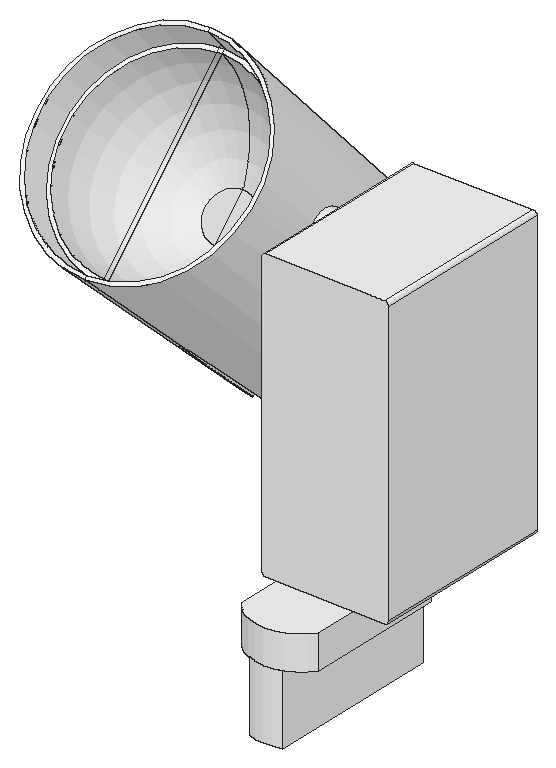
Revit family "0004860 Feilo Sylvania Lighting Fixture START TRACK SPOT S 14W 3K RA90 MB WHITE", category Lighting Fixtures, host Face, Revit 2017 (continued)
Definition of nested family "Start Track Spot Head"
  Types (96, lengths in mm): name | Wattage | built-in parameter 1150134 | Photometric Web File | Model | built-in parameter 1150105 | Lumens | built-in parameter 1150107 | built-in parameter 1150106 | HeadThickness_FEILO | HeadRibOffset_FEILO | HeadRibDepth_FEILO | HeadRibCutWidth_FEILO | HeadRibCutOffset_FEILO | HeadReflectorRadius_FEILO | HeadReflectorOffset_FEILO | HeadLEDRadius_FEILO | HeadHeight_FEILO | HeadDiffusorOffset_FEILO | HeadDiaOut_FEILO | HeadDiaIn_FEILO | HeadAxisFromTop_FEILO | Emit from Circle Diameter | built-in parameter 1150104 | Description | Apparent Load
    0004864 START TRACK SPOT S 24W 3K RA90 WB WHITE | 24 W | (empty or 0) | "0004864.ies" | "START TRACK SPOT S 24W 3K RA90 WB WHITE" | 152.79 (stored number, unit not read) | 1920 lm | 3000 (stored number, unit not read) | 1.5279 (stored number, unit not read) | 1.5 | 4.179 | 55.714 | 7.167 | 50.87 | 50.588 | 55.714 | 9.556 | 117 | 9.435 | 86 | 77.477 | 69.354 | 77.477 | 7.4322 (stored number, unit not read) | "Integrated LED spotlight, Textured White - RAL9016, compact and minimalist design, ideal for retail applications, die-cast aluminium body, passive cooling heatsink. Beam angle: 64°, color temperature: 3000K , total system power: 24W, total fixture output: 1928 lm, LOR: 100%, colour rendering: Ra: 90 typical, LED Chromaticity: 3 step MacAdam ellipse, lifetime: >50000 hours at L70B50, energy class: A++, A+, A, IR/UV free light source without heat radiation, operating voltage: 220-240V / 50-60Hz, drive current: 600mA, electronic driver, non-dimmable, power factor: 0.95, electrical protection: Class II, Global Track 3 Phase adapter suitable for Global trac 3-circuit tracks, ingress protection rating: IP20, suitable for internal environment only, horizontal rotation: 355°, vertical tilt: 90°, dimensions: Ø86x140x200, weight: 0.966kg." | 24 VA
    0004863 START TRACK SPOT S 24W 3K RA90 MB WHITE | 24 W | (empty or 0) | "0004863.ies" | "START TRACK SPOT S 24W 3K RA90 MB WHITE" | 154.7 (stored number, unit not read) | 1944 lm | 3000 (stored number, unit not read) | 1.547 (stored number, unit not read) | 1.5 | 4.179 | 55.714 | 7.167 | 50.87 | 50.588 | 55.714 | 9.556 | 117 | 9.435 | 86 | 77.477 | 69.354 | 77.477 | 7.5251 (stored number, unit not read) | "Integrated LED spotlight, Textured White - RAL9016, compact and minimalist design, ideal for retail applications, die-cast aluminium body, passive cooling heatsink. Beam angle: 36°, color temperature: 3000K , total system power: 24W, total fixture output: 1944 lm, LOR: 100%, colour rendering: Ra: 90 typical, LED Chromaticity: 3 step MacAdam ellipse, lifetime: >50000 hours at L70B50, energy class: A++, A+, A, IR/UV free light source without heat radiation, operating voltage: 220-240V / 50-60Hz, drive current: 600mA, electronic driver, non-dimmable, power factor: 0.95, electrical protection: Class II, Global Track 3 Phase adapter suitable for Global trac 3-circuit tracks, ingress protection rating: IP20, suitable for internal environment only, horizontal rotation: 355°, vertical tilt: 90°, dimensions: Ø86x140x200, weight: 0.966kg." | 24 VA
    0004862 START TRACK SPOT S 24W 3K RA90 NB WHITE | 24 W | (empty or 0) | "0004862.ies" | "START TRACK SPOT S 24W 3K RA90 NB WHITE" | 158.52 (stored number, unit not read) | 1992 lm | 3000 (stored number, unit not read) | 1.5852 (stored number, unit not read) | 1.5 | 4.179 | 55.714 | 7.167 | 50.87 | 50.588 | 55.714 | 9.556 | 117 | 9.435 | 86 | 77.477 | 69.354 | 77.477 | 7.711 (stored number, unit not read) | "Integrated LED spotlight, Textured White - RAL9016, compact and minimalist design, ideal for retail applications, die-cast aluminium body, passive cooling heatsink. Beam angle: 12°, color temperature: 3000K , total system power: 24W, total fixture output: 1987 lm, LOR: 100%, colour rendering: Ra: 90 typical, LED Chromaticity: 3 step MacAdam ellipse, lifetime: >50000 hours at L70B50, energy class: A++, A+, A, IR/UV free light source without heat radiation, operating voltage: 220-240V / 50-60Hz, drive current: 600mA, electronic driver, non-dimmable, power factor: 0.95, electrical protection: Class II, Global Track 3 Phase adapter suitable for Global trac 3-circuit tracks, ingress protection rating: IP20, suitable for internal environment only, horizontal rotation: 355°, vertical tilt: 90°, dimensions: Ø86x140x200, weight: 0.966kg." | 24 VA
    0004861 START TRACK SPOT S 14W 3K RA90 WB WHITE | 14 W | (empty or 0) | "0004861.ies" | "START TRACK SPOT S 14W 3K RA90 WB WHITE" | 100.27 (stored number, unit not read) | 1260 lm | 3000 (stored number, unit not read) | 1.0027 (stored number, unit not read) | 1.5 | 4.179 | 55.714 | 7.167 | 50.87 | 50.588 | 55.714 | 9.556 | 117 | 9.435 | 86 | 77.477 | 69.354 | 77.477 | 8.3613 (stored number, unit not read) | "Integrated LED spotlight, Textured White - RAL9016, compact and minimalist design, ideal for retail applications, die-cast aluminium body, passive cooling heatsink. Beam angle: 64°, color temperature: 3000K , total system power: 14W, total fixture output: 1262 lm, LOR: 100%, colour rendering: Ra: 90 typical, LED Chromaticity: 3 step MacAdam ellipse, lifetime: >50000 hours at L70B50, energy class: A++, A+, A, IR/UV free light source without heat radiation, operating voltage: 220-240V / 50-60Hz, drive current: 350mA, electronic driver, non-dimmable, power factor: 0.92, electrical protection: Class II, Global Track 3 Phase adapter suitable for Global trac 3-circuit tracks, ingress protection rating: IP20, suitable for internal environment only, horizontal rotation: 355°, vertical tilt: 90°, dimensions: Ø86x140x200, weight: 0.940kg." | 14 VA
    0004860 START TRACK SPOT S 14W 3K RA90 MB WHITE | 14 W | (empty or 0) | "0004860.ies" | "START TRACK SPOT S 14W 3K RA90 MB WHITE" | 100.27 (stored number, unit not read) | 1260 lm | 3000 (stored number, unit not read) | 1.0027 (stored number, unit not read) | 1.5 | 4.179 | 55.714 | 7.167 | 50.87 | 50.588 | 55.714 | 9.556 | 117 | 9.435 | 86 | 77.477 | 69.354 | 77.477 | 8.3613 (stored number, unit not read) | "Integrated LED spotlight, Textured White - RAL9016, compact and minimalist design, ideal for retail applications, die-cast aluminium body, passive cooling heatsink. Beam angle: 36°, color temperature: 3000K , total system power: 14W, total fixture output: 1262 lm, LOR: 100%, colour rendering: Ra: 90 typical, LED Chromaticity: 3 step MacAdam ellipse, lifetime: >50000 hours at L70B50, energy class: A++, A+, A, IR/UV free light source without heat radiation, operating voltage: 220-240V / 50-60Hz, drive current: 350mA, electronic driver, non-dimmable, power factor: 0.92, electrical protection: Class II, Global Track 3 Phase adapter suitable for Global trac 3-circuit tracks, ingress protection rating: IP20, suitable for internal environment only, horizontal rotation: 355°, vertical tilt: 90°, dimensions: Ø86x140x200, weight: 0.940kg." | 14 VA
    0004859 START TRACK SPOT S 14W 3K RA90 NB WHITE | 14 W | (empty or 0) | "0004859.ies" | "START TRACK SPOT S 14W 3K RA90 NB WHITE" | 102.5 (stored number, unit not read) | 1288 lm | 3000 (stored number, unit not read) | 1.025 (stored number, unit not read) | 1.5 | 4.179 | 55.714 | 7.167 | 50.87 | 50.588 | 55.714 | 9.556 | 117 | 9.435 | 86 | 77.477 | 69.354 | 77.477 | 8.5471 (stored number, unit not read) | "Integrated LED spotlight, Textured White - RAL9016, compact and minimalist design, ideal for retail applications, die-cast aluminium body, passive cooling heatsink. Beam angle: 12°, color temperature: 3000K , total system power: 14W, total fixture output: 1284 lm, LOR: 100%, colour rendering: Ra: 90 typical, LED Chromaticity: 3 step MacAdam ellipse, lifetime: >50000 hours at L70B50, energy class: A++, A+, A, IR/UV free light source without heat radiation, operating voltage: 220-240V / 50-60Hz, drive current: 350mA, electronic driver, non-dimmable, power factor: 0.92, electrical protection: Class II, Global Track 3 Phase adapter suitable for Global trac 3-circuit tracks, ingress protection rating: IP20, suitable for internal environment only, horizontal rotation: 355°, vertical tilt: 90°, dimensions: Ø86x140x200, weight: 0.940kg." | 14 VA
    0004858 START TRACK SPOT L 55W 4K RA80 WB BLACK | 55 W | 12 | "0004858.ies" | "START TRACK SPOT L 55W 4K RA80 WB BLACK" | 424.55 (stored number, unit not read) | 5335 lm | 4000 (stored number, unit not read) | 4.2455 (stored number, unit not read) | 2 | 4.429 | 59.048 | 9.417 | 53.913 | 66.471 | 59.048 | 12.556 | 124 | 10 | 113 | 101.802 | 73.503 | 101.802 | 9.0116 (stored number, unit not read) | "Integrated LED spotlight, Textured Black - RAL9005, compact and minimalist design, ideal for retail applications, die-cast aluminium body, passive cooling heatsink. Beam angle: 52°, color temperature: 4000K , total system power: 55W, total fixture output: 5320 lm, LOR: 100%, colour rendering: Ra: 80 typical, LED Chromaticity: 3 step MacAdam ellipse, lifetime: >50000 hours at L70B50, energy class: A++, A+, A, IR/UV free light source without heat radiation, operating voltage: 220-240V / 50-60Hz, drive current: 1400mA, electronic driver, non-dimmable, power factor: 0.96, electrical protection: Class II, Global Track 3 Phase adapter suitable for Global trac 3-circuit tracks, ingress protection rating: IP20, suitable for internal environment only, horizontal rotation: 355°, vertical tilt: 90°, dimensions: Ø113x164x240, weight: 1.398kg." | 55 VA
    0004857 START TRACK SPOT L 55W 4K RA80 MB BLACK | 55 W | 12 | "0004857.ies" | "START TRACK SPOT L 55W 4K RA80 MB BLACK" | 428.92 (stored number, unit not read) | 5390 lm | 4000 (stored number, unit not read) | 4.2892 (stored number, unit not read) | 2 | 4.429 | 59.048 | 9.417 | 53.913 | 66.471 | 59.048 | 12.556 | 124 | 10 | 113 | 101.802 | 73.503 | 101.802 | 9.1045 (stored number, unit not read) | "Integrated LED spotlight, Textured Black - RAL9005, compact and minimalist design, ideal for retail applications, die-cast aluminium body, passive cooling heatsink. Beam angle: 38°, color temperature: 4000K , total system power: 55W, total fixture output: 5378 lm, LOR: 100%, colour rendering: Ra: 80 typical, LED Chromaticity: 3 step MacAdam ellipse, lifetime: >50000 hours at L70B50, energy class: A++, A+, A, IR/UV free light source without heat radiation, operating voltage: 220-240V / 50-60Hz, drive current: 1400mA, electronic driver, non-dimmable, power factor: 0.96, electrical protection: Class II, Global Track 3 Phase adapter suitable for Global trac 3-circuit tracks, ingress protection rating: IP20, suitable for internal environment only, horizontal rotation: 355°, vertical tilt: 90°, dimensions: Ø113x164x240, weight: 1.398kg." | 55 VA
    0004856 START TRACK SPOT L 55W 4K RA80 NB BLACK | 55 W | 12 | "0004856.ies" | "START TRACK SPOT L 55W 4K RA80 NB BLACK" | 433.3 (stored number, unit not read) | 5445 lm | 4000 (stored number, unit not read) | 4.333 (stored number, unit not read) | 2 | 4.429 | 59.048 | 9.417 | 53.913 | 66.471 | 59.048 | 12.556 | 124 | 10 | 113 | 101.802 | 73.503 | 101.802 | 9.1974 (stored number, unit not read) | "Integrated LED spotlight, Textured Black - RAL9005, compact and minimalist design, ideal for retail applications, die-cast aluminium body, passive cooling heatsink. Beam angle: 15°, color temperature: 4000K , total system power: 55W, total fixture output: 5426 lm, LOR: 100%, colour rendering: Ra: 80 typical, LED Chromaticity: 3 step MacAdam ellipse, lifetime: >50000 hours at L70B50, energy class: A++, A+, A, IR/UV free light source without heat radiation, operating voltage: 220-240V / 50-60Hz, drive current: 1400mA, electronic driver, non-dimmable, power factor: 0.96, electrical protection: Class II, Global Track 3 Phase adapter suitable for Global trac 3-circuit tracks, ingress protection rating: IP20, suitable for internal environment only, horizontal rotation: 355°, vertical tilt: 90°, dimensions: Ø113x164x240, weight: 1.398kg." | 55 VA
    0004855 START TRACK SPOT L 35W 4K RA80 WB BLACK | 35 W | 12 | "0004855.ies" | "START TRACK SPOT L 35W 4K RA80 WB BLACK" | 320.3 (stored number, unit not read) | 4025 lm | 4000 (stored number, unit not read) | 3.203 (stored number, unit not read) | 2 | 4.429 | 59.048 | 9.417 | 53.913 | 66.471 | 59.048 | 12.556 | 124 | 10 | 113 | 101.802 | 73.503 | 101.802 | 10.684 (stored number, unit not read) | "Integrated LED spotlight, Textured Black - RAL9005, compact and minimalist design, ideal for retail applications, die-cast aluminium body, passive cooling heatsink. Beam angle: 52°, color temperature: 4000K , total system power: 35W, total fixture output: 4010 lm, LOR: 100%, colour rendering: Ra: 80 typical, LED Chromaticity: 3 step MacAdam ellipse, lifetime: >50000 hours at L70B50, energy class: A++, A+, A, IR/UV free light source without heat radiation, operating voltage: 220-240V / 50-60Hz, drive current: 900mA, electronic driver, non-dimmable, power factor: 0.93, electrical protection: Class II, Global Track 3 Phase adapter suitable for Global trac 3-circuit tracks, ingress protection rating: IP20, suitable for internal environment only, horizontal rotation: 355°, vertical tilt: 90°, dimensions: Ø113x164x240, weight: 1.368kg." | 35 VA
    0004854 START TRACK SPOT L 35W 4K RA80 MB BLACK | 35 W | 12 | "0004854.ies" | "START TRACK SPOT L 35W 4K RA80 MB BLACK" | 320.3 (stored number, unit not read) | 4025 lm | 4000 (stored number, unit not read) | 3.203 (stored number, unit not read) | 2 | 4.429 | 59.048 | 9.417 | 53.913 | 66.471 | 59.048 | 12.556 | 124 | 10 | 113 | 101.802 | 73.503 | 101.802 | 10.684 (stored number, unit not read) | "Integrated LED spotlight, Textured Black - RAL9005, compact and minimalist design, ideal for retail applications, die-cast aluminium body, passive cooling heatsink. Beam angle: 38°, color temperature: 4000K , total system power: 35W, total fixture output: 4017 lm, LOR: 100%, colour rendering: Ra: 80 typical, LED Chromaticity: 3 step MacAdam ellipse, lifetime: >50000 hours at L70B50, energy class: A++, A+, A, IR/UV free light source without heat radiation, operating voltage: 220-240V / 50-60Hz, drive current: 900mA, electronic driver, non-dimmable, power factor: 0.93, electrical protection: Class II, Global Track 3 Phase adapter suitable for Global trac 3-circuit tracks, ingress protection rating: IP20, suitable for internal environment only, horizontal rotation: 355°, vertical tilt: 90°, dimensions: Ø113x164x240, weight: 1.368kg." | 35 VA
    0004853 START TRACK SPOT L 35W 4K RA80 NB BLACK | 35 W | 12 | "0004853.ies" | "START TRACK SPOT L 35W 4K RA80 NB BLACK" | 331.44 (stored number, unit not read) | 4165 lm | 4000 (stored number, unit not read) | 3.3144 (stored number, unit not read) | 2 | 4.429 | 59.048 | 9.417 | 53.913 | 66.471 | 59.048 | 12.556 | 124 | 10 | 113 | 101.802 | 73.503 | 101.802 | 11.055 (stored number, unit not read) | "Integrated LED spotlight, Textured Black - RAL9005, compact and minimalist design, ideal for retail applications, die-cast aluminium body, passive cooling heatsink. Beam angle: 15°, color temperature: 4000K , total system power: 35W, total fixture output: 4174 lm, LOR: 100%, colour rendering: Ra: 80 typical, LED Chromaticity: 3 step MacAdam ellipse, lifetime: >50000 hours at L70B50, energy class: A++, A+, A, IR/UV free light source without heat radiation, operating voltage: 220-240V / 50-60Hz, drive current: 900mA, electronic driver, non-dimmable, power factor: 0.93, electrical protection: Class II, Global Track 3 Phase adapter suitable for Global trac 3-circuit tracks, ingress protection rating: IP20, suitable for internal environment only, horizontal rotation: 355°, vertical tilt: 90°, dimensions: Ø113x164x240, weight: 1.368kg." | 35 VA
    0004852 START TRACK SPOT S 24W 4K RA80 WB BLACK | 24 W | 12 | "0004852.ies" | "START TRACK SPOT S 24W 4K RA80 WB BLACK" | 196.72 (stored number, unit not read) | 2472 lm | 4000 (stored number, unit not read) | 1.9672 (stored number, unit not read) | 1.5 | 4.179 | 55.714 | 7.167 | 50.87 | 50.588 | 55.714 | 9.556 | 117 | 9.435 | 86 | 77.477 | 69.354 | 77.477 | 9.569 (stored number, unit not read) | "Integrated LED spotlight, Textured Black - RAL9005, compact and minimalist design, ideal for retail applications, die-cast aluminium body, passive cooling heatsink. Beam angle: 64°, color temperature: 4000K , total system power: 24W, total fixture output: 2476 lm, LOR: 100%, colour rendering: Ra: 80 typical, LED Chromaticity: 3 step MacAdam ellipse, lifetime: >50000 hours at L70B50, energy class: A++, A+, A, IR/UV free light source without heat radiation, operating voltage: 220-240V / 50-60Hz, drive current: 600mA, electronic driver, non-dimmable, power factor: 0.95, electrical protection: Class II, Global Track 3 Phase adapter suitable for Global trac 3-circuit tracks, ingress protection rating: IP20, suitable for internal environment only, horizontal rotation: 355°, vertical tilt: 90°, dimensions: Ø86x140x200, weight: 0.966kg." | 24 VA
    0004851 START TRACK SPOT S 24W 4K RA80 MB BLACK | 24 W | 12 | "0004851.ies" | "START TRACK SPOT S 24W 4K RA80 MB BLACK" | 198.63 (stored number, unit not read) | 2496 lm | 4000 (stored number, unit not read) | 1.9863 (stored number, unit not read) | 1.5 | 4.179 | 55.714 | 7.167 | 50.87 | 50.588 | 55.714 | 9.556 | 117 | 9.435 | 86 | 77.477 | 69.354 | 77.477 | 9.6619 (stored number, unit not read) | "Integrated LED spotlight, Textured Black - RAL9005, compact and minimalist design, ideal for retail applications, die-cast aluminium body, passive cooling heatsink. Beam angle: 36°, color temperature: 4000K , total system power: 24W, total fixture output: 2487 lm, LOR: 100%, colour rendering: Ra: 80 typical, LED Chromaticity: 3 step MacAdam ellipse, lifetime: >50000 hours at L70B50, energy class: A++, A+, A, IR/UV free light source without heat radiation, operating voltage: 220-240V / 50-60Hz, drive current: 600mA, electronic driver, non-dimmable, power factor: 0.95, electrical protection: Class II, Global Track 3 Phase adapter suitable for Global trac 3-circuit tracks, ingress protection rating: IP20, suitable for internal environment only, horizontal rotation: 355°, vertical tilt: 90°, dimensions: Ø86x140x200, weight: 0.966kg." | 24 VA
    0004850 START TRACK SPOT S 24W 4K RA80 NB BLACK | 24 W | 12 | "0004850.ies" | "START TRACK SPOT S 24W 4K RA80 NB BLACK" | 200.54 (stored number, unit not read) | 2520 lm | 4000 (stored number, unit not read) | 2.0054 (stored number, unit not read) | 1.5 | 4.179 | 55.714 | 7.167 | 50.87 | 50.588 | 55.714 | 9.556 | 117 | 9.435 | 86 | 77.477 | 69.354 | 77.477 | 9.7548 (stored number, unit not read) | "Integrated LED spotlight, Textured Black - RAL9005, compact and minimalist design, ideal for retail applications, die-cast aluminium body, passive cooling heatsink. Beam angle: 12°, color temperature: 4000K , total system power: 24W, total fixture output: 2529 lm, LOR: 100%, colour rendering: Ra: 80 typical, LED Chromaticity: 3 step MacAdam ellipse, lifetime: >50000 hours at L70B50, energy class: A++, A+, A, IR/UV free light source without heat radiation, operating voltage: 220-240V / 50-60Hz, drive current: 600mA, electronic driver, non-dimmable, power factor: 0.95, electrical protection: Class II, Global Track 3 Phase adapter suitable for Global trac 3-circuit tracks, ingress protection rating: IP20, suitable for internal environment only, horizontal rotation: 355°, vertical tilt: 90°, dimensions: Ø86x140x200, weight: 0.966kg." | 24 VA
    0004849 START TRACK SPOT S 14W 4K RA80 WB BLACK | 14 W | 12 | "0004849.ies" | "START TRACK SPOT S 14W 4K RA80 WB BLACK" | 123.66 (stored number, unit not read) | 1554 lm | 4000 (stored number, unit not read) | 1.2366 (stored number, unit not read) | 1.5 | 4.179 | 55.714 | 7.167 | 50.87 | 50.588 | 55.714 | 9.556 | 117 | 9.435 | 86 | 77.477 | 69.354 | 77.477 | 10.312 (stored number, unit not read) | "Integrated LED spotlight, Textured Black - RAL9005, compact and minimalist design, ideal for retail applications, die-cast aluminium body, passive cooling heatsink. Beam angle: 64°, color temperature: 4000K , total system power: 14W, total fixture output: 1558 lm, LOR: 100%, colour rendering: Ra: 80 typical, LED Chromaticity: 3 step MacAdam ellipse, lifetime: >50000 hours at L70B50, energy class: A++, A+, A, IR/UV free light source without heat radiation, operating voltage: 220-240V / 50-60Hz, drive current: 350mA, electronic driver, non-dimmable, power factor: 0.92, electrical protection: Class II, Global Track 3 Phase adapter suitable for Global trac 3-circuit tracks, ingress protection rating: IP20, suitable for internal environment only, horizontal rotation: 355°, vertical tilt: 90°, dimensions: Ø86x140x200, weight: 0.940kg." | 14 VA
    0004848 START TRACK SPOT S 14W 4K RA80 MB BLACK | 14 W | 12 | "0004848.ies" | "START TRACK SPOT S 14W 4K RA80 MB BLACK" | 127.01 (stored number, unit not read) | 1596 lm | 4000 (stored number, unit not read) | 1.2701 (stored number, unit not read) | 1.5 | 4.179 | 55.714 | 7.167 | 50.87 | 50.588 | 55.714 | 9.556 | 117 | 9.435 | 86 | 77.477 | 69.354 | 77.477 | 10.591 (stored number, unit not read) | "Integrated LED spotlight, Textured Black - RAL9005, compact and minimalist design, ideal for retail applications, die-cast aluminium body, passive cooling heatsink. Beam angle: 36°, color temperature: 4000K , total system power: 14W, total fixture output: 1598 lm, LOR: 100%, colour rendering: Ra: 80 typical, LED Chromaticity: 3 step MacAdam ellipse, lifetime: >50000 hours at L70B50, energy class: A++, A+, A, IR/UV free light source without heat radiation, operating voltage: 220-240V / 50-60Hz, drive current: 350mA, electronic driver, non-dimmable, power factor: 0.92, electrical protection: Class II, Global Track 3 Phase adapter suitable for Global trac 3-circuit tracks, ingress protection rating: IP20, suitable for internal environment only, horizontal rotation: 355°, vertical tilt: 90°, dimensions: Ø86x140x200, weight: 0.940kg." | 14 VA
    0004847 START TRACK SPOT S 14W 4K RA80 NB BLACK | 14 W | 12 | "0004847.ies" | "START TRACK SPOT S 14W 4K RA80 NB BLACK" | 128.12 (stored number, unit not read) | 1610 lm | 4000 (stored number, unit not read) | 1.2812 (stored number, unit not read) | 1.5 | 4.179 | 55.714 | 7.167 | 50.87 | 50.588 | 55.714 | 9.556 | 117 | 9.435 | 86 | 77.477 | 69.354 | 77.477 | 10.684 (stored number, unit not read) | "Integrated LED spotlight, Textured Black - RAL9005, compact and minimalist design, ideal for retail applications, die-cast aluminium body, passive cooling heatsink. Beam angle: 12°, color temperature: 4000K , total system power: 14W, total fixture output: 1608 lm, LOR: 100%, colour rendering: Ra: 80 typical, LED Chromaticity: 3 step MacAdam ellipse, lifetime: >50000 hours at L70B50, energy class: A++, A+, A, IR/UV free light source without heat radiation, operating voltage: 220-240V / 50-60Hz, drive current: 350mA, electronic driver, non-dimmable, power factor: 0.92, electrical protection: Class II, Global Track 3 Phase adapter suitable for Global trac 3-circuit tracks, ingress protection rating: IP20, suitable for internal environment only, horizontal rotation: 355°, vertical tilt: 90°, dimensions: Ø86x140x200, weight: 0.940kg." | 14 VA
    0004846 START TRACK SPOT L 55W 3K RA80 WB BLACK | 55 W | (empty or 0) | "0004846.ies" | "START TRACK SPOT L 55W 3K RA80 WB BLACK" | 420.17 (stored number, unit not read) | 5280 lm | 3000 (stored number, unit not read) | 4.2017 (stored number, unit not read) | 2 | 4.429 | 59.048 | 9.417 | 53.913 | 66.471 | 59.048 | 12.556 | 124 | 10 | 113 | 101.802 | 73.503 | 101.802 | 8.9187 (stored number, unit not read) | "Integrated LED spotlight, Textured Black - RAL9005, compact and minimalist design, ideal for retail applications, die-cast aluminium body, passive cooling heatsink. Beam angle: 52°, color temperature: 3000K , total system power: 55W, total fixture output: 5298 lm, LOR: 100%, colour rendering: Ra: 80 typical, LED Chromaticity: 3 step MacAdam ellipse, lifetime: >50000 hours at L70B50, energy class: A++, A+, A, IR/UV free light source without heat radiation, operating voltage: 220-240V / 50-60Hz, drive current: 1400mA, electronic driver, non-dimmable, power factor: 0.96, electrical protection: Class II, Global Track 3 Phase adapter suitable for Global trac 3-circuit tracks, ingress protection rating: IP20, suitable for internal environment only, horizontal rotation: 355°, vertical tilt: 90°, dimensions: Ø113x164x240, weight: 1.398kg." | 55 VA
    0004845 START TRACK SPOT L 55W 3K RA80 MB BLACK | 55 W | (empty or 0) | "0004845.ies" | "START TRACK SPOT L 55W 3K RA80 MB BLACK" | 428.92 (stored number, unit not read) | 5390 lm | 3000 (stored number, unit not read) | 4.2892 (stored number, unit not read) | 2 | 4.429 | 59.048 | 9.417 | 53.913 | 66.471 | 59.048 | 12.556 | 124 | 10 | 113 | 101.802 | 73.503 | 101.802 | 9.1045 (stored number, unit not read) | "Integrated LED spotlight, Textured Black - RAL9005, compact and minimalist design, ideal for retail applications, die-cast aluminium body, passive cooling heatsink. Beam angle: 38°, color temperature: 3000K , total system power: 55W, total fixture output: 5381 lm, LOR: 100%, colour rendering: Ra: 80 typical, LED Chromaticity: 3 step MacAdam ellipse, lifetime: >50000 hours at L70B50, energy class: A++, A+, A, IR/UV free light source without heat radiation, operating voltage: 220-240V / 50-60Hz, drive current: 1400mA, electronic driver, non-dimmable, power factor: 0.96, electrical protection: Class II, Global Track 3 Phase adapter suitable for Global trac 3-circuit tracks, ingress protection rating: IP20, suitable for internal environment only, horizontal rotation: 355°, vertical tilt: 90°, dimensions: Ø113x164x240, weight: 1.398kg." | 55 VA
    0004844 START TRACK SPOT L 55W 3K RA80 NB BLACK | 55 W | (empty or 0) | "0004844.ies" | "START TRACK SPOT L 55W 3K RA80 NB BLACK" | 433.3 (stored number, unit not read) | 5445 lm | 3000 (stored number, unit not read) | 4.333 (stored number, unit not read) | 2 | 4.429 | 59.048 | 9.417 | 53.913 | 66.471 | 59.048 | 12.556 | 124 | 10 | 113 | 101.802 | 73.503 | 101.802 | 9.1974 (stored number, unit not read) | "Integrated LED spotlight, Textured Black - RAL9005, compact and minimalist design, ideal for retail applications, die-cast aluminium body, passive cooling heatsink. Beam angle: 15°, color temperature: 3000K , total system power: 55W, total fixture output: 5449 lm, LOR: 100%, colour rendering: Ra: 80 typical, LED Chromaticity: 3 step MacAdam ellipse, lifetime: >50000 hours at L70B50, energy class: A++, A+, A, IR/UV free light source without heat radiation, operating voltage: 220-240V / 50-60Hz, drive current: 1400mA, electronic driver, non-dimmable, power factor: 0.96, electrical protection: Class II, Global Track 3 Phase adapter suitable for Global trac 3-circuit tracks, ingress protection rating: IP20, suitable for internal environment only, horizontal rotation: 355°, vertical tilt: 90°, dimensions: Ø113x164x240, weight: 1.398kg." | 55 VA
    0004843 START TRACK SPOT L 35W 3K RA80 WB BLACK | 35 W | (empty or 0) | "0004843.ies" | "START TRACK SPOT L 35W 3K RA80 WB BLACK" | 314.73 (stored number, unit not read) | 3955 lm | 3000 (stored number, unit not read) | 3.1473 (stored number, unit not read) | 2 | 4.429 | 59.048 | 9.417 | 53.913 | 66.471 | 59.048 | 12.556 | 124 | 10 | 113 | 101.802 | 73.503 | 101.802 | 10.498 (stored number, unit not read) | "Integrated LED spotlight, Textured Black - RAL9005, compact and minimalist design, ideal for retail applications, die-cast aluminium body, passive cooling heatsink. Beam angle: 52°, color temperature: 3000K , total system power: 35W, total fixture output: 3943 lm, LOR: 100%, colour rendering: Ra: 80 typical, LED Chromaticity: 3 step MacAdam ellipse, lifetime: >50000 hours at L70B50, energy class: A++, A+, A, IR/UV free light source without heat radiation, operating voltage: 220-240V / 50-60Hz, drive current: 900mA, electronic driver, non-dimmable, power factor: 0.93, electrical protection: Class II, Global Track 3 Phase adapter suitable for Global trac 3-circuit tracks, ingress protection rating: IP20, suitable for internal environment only, horizontal rotation: 355°, vertical tilt: 90°, dimensions: Ø113x164x240, weight: 1.368kg." | 35 VA
    0004842 START TRACK SPOT L 35W 3K RA80 MB BLACK | 35 W | (empty or 0) | "0004842.ies" | "START TRACK SPOT L 35W 3K RA80 MB BLACK" | 320.3 (stored number, unit not read) | 4025 lm | 3000 (stored number, unit not read) | 3.203 (stored number, unit not read) | 2 | 4.429 | 59.048 | 9.417 | 53.913 | 66.471 | 59.048 | 12.556 | 124 | 10 | 113 | 101.802 | 73.503 | 101.802 | 10.684 (stored number, unit not read) | "Integrated LED spotlight, Textured Black - RAL9005, compact and minimalist design, ideal for retail applications, die-cast aluminium body, passive cooling heatsink. Beam angle: 38°, color temperature: 3000K , total system power: 35W, total fixture output: 4008 lm, LOR: 100%, colour rendering: Ra: 80 typical, LED Chromaticity: 3 step MacAdam ellipse, lifetime: >50000 hours at L70B50, energy class: A++, A+, A, IR/UV free light source without heat radiation, operating voltage: 220-240V / 50-60Hz, drive current: 900mA, electronic driver, non-dimmable, power factor: 0.93, electrical protection: Class II, Global Track 3 Phase adapter suitable for Global trac 3-circuit tracks, ingress protection rating: IP20, suitable for internal environment only, horizontal rotation: 355°, vertical tilt: 90°, dimensions: Ø113x164x240, weight: 1.368kg." | 35 VA
    0004841 START TRACK SPOT L 35W 3K RA80 NB BLACK | 35 W | (empty or 0) | "0004841.ies" | "START TRACK SPOT L 35W 3K RA80 NB BLACK" | 317.51 (stored number, unit not read) | 3990 lm | 3000 (stored number, unit not read) | 3.1751 (stored number, unit not read) | 2 | 4.429 | 59.048 | 9.417 | 53.913 | 66.471 | 59.048 | 12.556 | 124 | 10 | 113 | 101.802 | 73.503 | 101.802 | 10.591 (stored number, unit not read) | "Integrated LED spotlight, Textured Black - RAL9005, compact and minimalist design, ideal for retail applications, die-cast aluminium body, passive cooling heatsink. Beam angle: 15°, color temperature: 3000K , total system power: 35W, total fixture output: 4005 lm, LOR: 100%, colour rendering: Ra: 80 typical, LED Chromaticity: 3 step MacAdam ellipse, lifetime: >50000 hours at L70B50, energy class: A++, A+, A, IR/UV free light source without heat radiation, operating voltage: 220-240V / 50-60Hz, drive current: 900mA, electronic driver, non-dimmable, power factor: 0.93, electrical protection: Class II, Global Track 3 Phase adapter suitable for Global trac 3-circuit tracks, ingress protection rating: IP20, suitable for internal environment only, horizontal rotation: 355°, vertical tilt: 90°, dimensions: Ø113x164x240, weight: 1.368kg." | 35 VA
    0004840 START TRACK SPOT S 24W 3K RA80 WB BLACK | 24 W | (empty or 0) | "0004840.ies" | "START TRACK SPOT S 24W 3K RA80 WB BLACK" | 185.26 (stored number, unit not read) | 2328 lm | 3000 (stored number, unit not read) | 1.8526 (stored number, unit not read) | 1.5 | 4.179 | 55.714 | 7.167 | 50.87 | 50.588 | 55.714 | 9.556 | 117 | 9.435 | 86 | 77.477 | 69.354 | 77.477 | 9.0116 (stored number, unit not read) | "Integrated LED spotlight, Textured Black - RAL9005, compact and minimalist design, ideal for retail applications, die-cast aluminium body, passive cooling heatsink. Beam angle: 64°, color temperature: 3000K , total system power: 24W, total fixture output: 2318 lm, LOR: 100%, colour rendering: Ra: 80 typical, LED Chromaticity: 3 step MacAdam ellipse, lifetime: >50000 hours at L70B50, energy class: A++, A+, A, IR/UV free light source without heat radiation, operating voltage: 220-240V / 50-60Hz, drive current: 600mA, electronic driver, non-dimmable, power factor: 0.95, electrical protection: Class II, Global Track 3 Phase adapter suitable for Global trac 3-circuit tracks, ingress protection rating: IP20, suitable for internal environment only, horizontal rotation: 355°, vertical tilt: 90°, dimensions: Ø86x140x200, weight: 0.966kg." | 24 VA
    0004839 START TRACK SPOT S 24W 3K RA80 MB BLACK | 24 W | (empty or 0) | "0004839.ies" | "START TRACK SPOT S 24W 3K RA80 MB BLACK" | 183.35 (stored number, unit not read) | 2304 lm | 3000 (stored number, unit not read) | 1.8335 (stored number, unit not read) | 1.5 | 4.179 | 55.714 | 7.167 | 50.87 | 50.588 | 55.714 | 9.556 | 117 | 9.435 | 86 | 77.477 | 69.354 | 77.477 | 8.9187 (stored number, unit not read) | "Integrated LED spotlight, Textured Black - RAL9005, compact and minimalist design, ideal for retail applications, die-cast aluminium body, passive cooling heatsink. Beam angle: 36°, color temperature: 3000K , total system power: 24W, total fixture output: 2314 lm, LOR: 100%, colour rendering: Ra: 80 typical, LED Chromaticity: 3 step MacAdam ellipse, lifetime: >50000 hours at L70B50, energy class: A++, A+, A, IR/UV free light source without heat radiation, operating voltage: 220-240V / 50-60Hz, drive current: 600mA, electronic driver, non-dimmable, power factor: 0.95, electrical protection: Class II, Global Track 3 Phase adapter suitable for Global trac 3-circuit tracks, ingress protection rating: IP20, suitable for internal environment only, horizontal rotation: 355°, vertical tilt: 90°, dimensions: Ø86x140x200, weight: 0.966kg." | 24 VA
    0004838 START TRACK SPOT S 24W 3K RA80 NB BLACK | 24 W | (empty or 0) | "0004838.ies" | "START TRACK SPOT S 24W 3K RA80 NB BLACK" | 185.26 (stored number, unit not read) | 2328 lm | 3000 (stored number, unit not read) | 1.8526 (stored number, unit not read) | 1.5 | 4.179 | 55.714 | 7.167 | 50.87 | 50.588 | 55.714 | 9.556 | 117 | 9.435 | 86 | 77.477 | 69.354 | 77.477 | 9.0116 (stored number, unit not read) | "Integrated LED spotlight, Textured Black - RAL9005, compact and minimalist design, ideal for retail applications, die-cast aluminium body, passive cooling heatsink. Beam angle: 12°, color temperature: 3000K , total system power: 24W, total fixture output: 2334 lm, LOR: 100%, colour rendering: Ra: 80 typical, LED Chromaticity: 3 step MacAdam ellipse, lifetime: >50000 hours at L70B50, energy class: A++, A+, A, IR/UV free light source without heat radiation, operating voltage: 220-240V / 50-60Hz, drive current: 600mA, electronic driver, non-dimmable, power factor: 0.95, electrical protection: Class II, Global Track 3 Phase adapter suitable for Global trac 3-circuit tracks, ingress protection rating: IP20, suitable for internal environment only, horizontal rotation: 355°, vertical tilt: 90°, dimensions: Ø86x140x200, weight: 0.966kg." | 24 VA
    0004837 START TRACK SPOT S 14W 3K RA80 WB BLACK | 14 W | (empty or 0) | "0004837.ies" | "START TRACK SPOT S 14W 3K RA80 WB BLACK" | 119.21 (stored number, unit not read) | 1498 lm | 3000 (stored number, unit not read) | 1.1921 (stored number, unit not read) | 1.5 | 4.179 | 55.714 | 7.167 | 50.87 | 50.588 | 55.714 | 9.556 | 117 | 9.435 | 86 | 77.477 | 69.354 | 77.477 | 9.9406 (stored number, unit not read) | "Integrated LED spotlight, Textured Black - RAL9005, compact and minimalist design, ideal for retail applications, die-cast aluminium body, passive cooling heatsink. Beam angle: 64°, color temperature: 3000K , total system power: 14W, total fixture output: 1498 lm, LOR: 100%, colour rendering: Ra: 80 typical, LED Chromaticity: 3 step MacAdam ellipse, lifetime: >50000 hours at L70B50, energy class: A++, A+, A, IR/UV free light source without heat radiation, operating voltage: 220-240V / 50-60Hz, drive current: 350mA, electronic driver, non-dimmable, power factor: 0.92, electrical protection: Class II, Global Track 3 Phase adapter suitable for Global trac 3-circuit tracks, ingress protection rating: IP20, suitable for internal environment only, horizontal rotation: 355°, vertical tilt: 90°, dimensions: Ø86x140x200, weight: 0.940kg." | 14 VA
    0004836 START TRACK SPOT S 14W 3K RA80 MB BLACK | 14 W | (empty or 0) | "0004836.ies" | "START TRACK SPOT S 14W 3K RA80 MB BLACK" | 120.32 (stored number, unit not read) | 1512 lm | 3000 (stored number, unit not read) | 1.2032 (stored number, unit not read) | 1.5 | 4.179 | 55.714 | 7.167 | 50.87 | 50.588 | 55.714 | 9.556 | 117 | 9.435 | 86 | 77.477 | 69.354 | 77.477 | 10.034 (stored number, unit not read) | "Integrated LED spotlight, Textured Black - RAL9005, compact and minimalist design, ideal for retail applications, die-cast aluminium body, passive cooling heatsink. Beam angle: 36°, color temperature: 3000K , total system power: 14W, total fixture output: 1508 lm, LOR: 100%, colour rendering: Ra: 80 typical, LED Chromaticity: 3 step MacAdam ellipse, lifetime: >50000 hours at L70B50, energy class: A++, A+, A, IR/UV free light source without heat radiation, operating voltage: 220-240V / 50-60Hz, drive current: 350mA, electronic driver, non-dimmable, power factor: 0.92, electrical protection: Class II, Global Track 3 Phase adapter suitable for Global trac 3-circuit tracks, ingress protection rating: IP20, suitable for internal environment only, horizontal rotation: 355°, vertical tilt: 90°, dimensions: Ø86x140x200, weight: 0.940kg." | 14 VA
    0004835 START TRACK SPOT S 14W 3K RA80 NB BLACK | 14 W | (empty or 0) | "0004835.ies" | "START TRACK SPOT S 14W 3K RA80 NB BLACK" | 123.66 (stored number, unit not read) | 1554 lm | 3000 (stored number, unit not read) | 1.2366 (stored number, unit not read) | 1.5 | 4.179 | 55.714 | 7.167 | 50.87 | 50.588 | 55.714 | 9.556 | 117 | 9.435 | 86 | 77.477 | 69.354 | 77.477 | 10.312 (stored number, unit not read) | "Integrated LED spotlight, Textured Black - RAL9005, compact and minimalist design, ideal for retail applications, die-cast aluminium body, passive cooling heatsink. Beam angle: 12°, color temperature: 3000K , total system power: 14W, total fixture output: 1551 lm, LOR: 100%, colour rendering: Ra: 80 typical, LED Chromaticity: 3 step MacAdam ellipse, lifetime: >50000 hours at L70B50, energy class: A++, A+, A, IR/UV free light source without heat radiation, operating voltage: 220-240V / 50-60Hz, drive current: 350mA, electronic driver, non-dimmable, power factor: 0.92, electrical protection: Class II, Global Track 3 Phase adapter suitable for Global trac 3-circuit tracks, ingress protection rating: IP20, suitable for internal environment only, horizontal rotation: 355°, vertical tilt: 90°, dimensions: Ø86x140x200, weight: 0.940kg." | 14 VA
    0004834 START TRACK SPOT L 55W 4K RA80 WB WHITE | 55 W | 12 | "0004834.ies" | "START TRACK SPOT L 55W 4K RA80 WB WHITE" | 424.55 (stored number, unit not read) | 5335 lm | 4000 (stored number, unit not read) | 4.2455 (stored number, unit not read) | 2 | 4.429 | 59.048 | 9.417 | 53.913 | 66.471 | 59.048 | 12.556 | 124 | 10 | 113 | 101.802 | 73.503 | 101.802 | 9.0116 (stored number, unit not read) | "Integrated LED spotlight, Textured White - RAL9016, compact and minimalist design, ideal for retail applications, die-cast aluminium body, passive cooling heatsink. Beam angle: 52°, color temperature: 4000K , total system power: 55W, total fixture output: 5320 lm, LOR: 100%, colour rendering: Ra: 80 typical, LED Chromaticity: 3 step MacAdam ellipse, lifetime: >50000 hours at L70B50, energy class: A++, A+, A, IR/UV free light source without heat radiation, operating voltage: 220-240V / 50-60Hz, drive current: 1400mA, electronic driver, non-dimmable, power factor: 0.96, electrical protection: Class II, Global Track 3 Phase adapter suitable for Global trac 3-circuit tracks, ingress protection rating: IP20, suitable for internal environment only, horizontal rotation: 355°, vertical tilt: 90°, dimensions: Ø113x164x240, weight: 1.398kg." | 55 VA
    0004833 START TRACK SPOT L 55W 4K RA80 MB WHITE | 55 W | 12 | "0004833.ies" | "START TRACK SPOT L 55W 4K RA80 MB WHITE" | 428.92 (stored number, unit not read) | 5390 lm | 4000 (stored number, unit not read) | 4.2892 (stored number, unit not read) | 2 | 4.429 | 59.048 | 9.417 | 53.913 | 66.471 | 59.048 | 12.556 | 124 | 10 | 113 | 101.802 | 73.503 | 101.802 | 9.1045 (stored number, unit not read) | "Integrated LED spotlight, Textured White - RAL9016, compact and minimalist design, ideal for retail applications, die-cast aluminium body, passive cooling heatsink. Beam angle: 38°, color temperature: 4000K , total system power: 55W, total fixture output: 5378 lm, LOR: 100%, colour rendering: Ra: 80 typical, LED Chromaticity: 3 step MacAdam ellipse, lifetime: >50000 hours at L70B50, energy class: A++, A+, A, IR/UV free light source without heat radiation, operating voltage: 220-240V / 50-60Hz, drive current: 1400mA, electronic driver, non-dimmable, power factor: 0.96, electrical protection: Class II, Global Track 3 Phase adapter suitable for Global trac 3-circuit tracks, ingress protection rating: IP20, suitable for internal environment only, horizontal rotation: 355°, vertical tilt: 90°, dimensions: Ø113x164x240, weight: 1.398kg." | 55 VA
    0004832 START TRACK SPOT L 55W 4K RA80 NB WHITE | 55 W | 12 | "0004832.ies" | "START TRACK SPOT L 55W 4K RA80 NB WHITE" | 433.3 (stored number, unit not read) | 5445 lm | 4000 (stored number, unit not read) | 4.333 (stored number, unit not read) | 2 | 4.429 | 59.048 | 9.417 | 53.913 | 66.471 | 59.048 | 12.556 | 124 | 10 | 113 | 101.802 | 73.503 | 101.802 | 9.1974 (stored number, unit not read) | "Integrated LED spotlight, Textured White - RAL9016, compact and minimalist design, ideal for retail applications, die-cast aluminium body, passive cooling heatsink. Beam angle: 15°, color temperature: 4000K , total system power: 55W, total fixture output: 5426 lm, LOR: 100%, colour rendering: Ra: 80 typical, LED Chromaticity: 3 step MacAdam ellipse, lifetime: >50000 hours at L70B50, energy class: A++, A+, A, IR/UV free light source without heat radiation, operating voltage: 220-240V / 50-60Hz, drive current: 1400mA, electronic driver, non-dimmable, power factor: 0.96, electrical protection: Class II, Global Track 3 Phase adapter suitable for Global trac 3-circuit tracks, ingress protection rating: IP20, suitable for internal environment only, horizontal rotation: 355°, vertical tilt: 90°, dimensions: Ø113x164x240, weight: 1.398kg." | 55 VA
    0004831 START TRACK SPOT L 35W 4K RA80 WB WHITE | 35 W | 12 | "0004831.ies" | "START TRACK SPOT L 35W 4K RA80 WB WHITE" | 320.3 (stored number, unit not read) | 4025 lm | 4000 (stored number, unit not read) | 3.203 (stored number, unit not read) | 2 | 4.429 | 59.048 | 9.417 | 53.913 | 66.471 | 59.048 | 12.556 | 124 | 10 | 113 | 101.802 | 73.503 | 101.802 | 10.684 (stored number, unit not read) | "Integrated LED spotlight, Textured White - RAL9016, compact and minimalist design, ideal for retail applications, die-cast aluminium body, passive cooling heatsink. Beam angle: 52°, color temperature: 4000K , total system power: 35W, total fixture output: 4010 lm, LOR: 100%, colour rendering: Ra: 80 typical, LED Chromaticity: 3 step MacAdam ellipse, lifetime: >50000 hours at L70B50, energy class: A++, A+, A, IR/UV free light source without heat radiation, operating voltage: 220-240V / 50-60Hz, drive current: 900mA, electronic driver, non-dimmable, power factor: 0.93, electrical protection: Class II, Global Track 3 Phase adapter suitable for Global trac 3-circuit tracks, ingress protection rating: IP20, suitable for internal environment only, horizontal rotation: 355°, vertical tilt: 90°, dimensions: Ø113x164x240, weight: 1.368kg." | 35 VA
    0004830 START TRACK SPOT L 35W 4K RA80 MB WHITE | 35 W | 12 | "0004830.ies" | "START TRACK SPOT L 35W 4K RA80 MB WHITE" | 320.3 (stored number, unit not read) | 4025 lm | 4000 (stored number, unit not read) | 3.203 (stored number, unit not read) | 2 | 4.429 | 59.048 | 9.417 | 53.913 | 66.471 | 59.048 | 12.556 | 124 | 10 | 113 | 101.802 | 73.503 | 101.802 | 10.684 (stored number, unit not read) | "Integrated LED spotlight, Textured White - RAL9016, compact and minimalist design, ideal for retail applications, die-cast aluminium body, passive cooling heatsink. Beam angle: 38°, color temperature: 4000K , total system power: 35W, total fixture output: 4017 lm, LOR: 100%, colour rendering: Ra: 80 typical, LED Chromaticity: 3 step MacAdam ellipse, lifetime: >50000 hours at L70B50, energy class: A++, A+, A, IR/UV free light source without heat radiation, operating voltage: 220-240V / 50-60Hz, drive current: 900mA, electronic driver, non-dimmable, power factor: 0.93, electrical protection: Class II, Global Track 3 Phase adapter suitable for Global trac 3-circuit tracks, ingress protection rating: IP20, suitable for internal environment only, horizontal rotation: 355°, vertical tilt: 90°, dimensions: Ø113x164x240, weight: 1.368kg." | 35 VA
    0004829 START TRACK SPOT L 35W 4K RA80 NB WHITE | 35 W | 12 | "0004829.ies" | "START TRACK SPOT L 35W 4K RA80 NB WHITE" | 331.44 (stored number, unit not read) | 4165 lm | 4000 (stored number, unit not read) | 3.3144 (stored number, unit not read) | 2 | 4.429 | 59.048 | 9.417 | 53.913 | 66.471 | 59.048 | 12.556 | 124 | 10 | 113 | 101.802 | 73.503 | 101.802 | 11.055 (stored number, unit not read) | "Integrated LED spotlight, Textured White - RAL9016, compact and minimalist design, ideal for retail applications, die-cast aluminium body, passive cooling heatsink. Beam angle: 15°, color temperature: 4000K , total system power: 35W, total fixture output: 4174 lm, LOR: 100%, colour rendering: Ra: 80 typical, LED Chromaticity: 3 step MacAdam ellipse, lifetime: >50000 hours at L70B50, energy class: A++, A+, A, IR/UV free light source without heat radiation, operating voltage: 220-240V / 50-60Hz, drive current: 900mA, electronic driver, non-dimmable, power factor: 0.93, electrical protection: Class II, Global Track 3 Phase adapter suitable for Global trac 3-circuit tracks, ingress protection rating: IP20, suitable for internal environment only, horizontal rotation: 355°, vertical tilt: 90°, dimensions: Ø113x164x240, weight: 1.368kg." | 35 VA
    0004828 START TRACK SPOT S 24W 4K RA80 WB WHITE | 24 W | 12 | "0004828.ies" | "START TRACK SPOT S 24W 4K RA80 WB WHITE" | 196.72 (stored number, unit not read) | 2472 lm | 4000 (stored number, unit not read) | 1.9672 (stored number, unit not read) | 1.5 | 4.179 | 55.714 | 7.167 | 50.87 | 50.588 | 55.714 | 9.556 | 117 | 9.435 | 86 | 77.477 | 69.354 | 77.477 | 9.569 (stored number, unit not read) | "Integrated LED spotlight, Textured White - RAL9016, compact and minimalist design, ideal for retail applications, die-cast aluminium body, passive cooling heatsink. Beam angle: 64°, color temperature: 4000K , total system power: 24W, total fixture output: 2476 lm, LOR: 100%, colour rendering: Ra: 80 typical, LED Chromaticity: 3 step MacAdam ellipse, lifetime: >50000 hours at L70B50, energy class: A++, A+, A, IR/UV free light source without heat radiation, operating voltage: 220-240V / 50-60Hz, drive current: 600mA, electronic driver, non-dimmable, power factor: 0.95, electrical protection: Class II, Global Track 3 Phase adapter suitable for Global trac 3-circuit tracks, ingress protection rating: IP20, suitable for internal environment only, horizontal rotation: 355°, vertical tilt: 90°, dimensions: Ø86x140x200, weight: 0.966kg." | 24 VA
    0004827 START TRACK SPOT S 24W 4K RA80 MB WHITE | 24 W | 12 | "0004827.ies" | "START TRACK SPOT S 24W 4K RA80 MB WHITE" | 198.63 (stored number, unit not read) | 2496 lm | 4000 (stored number, unit not read) | 1.9863 (stored number, unit not read) | 1.5 | 4.179 | 55.714 | 7.167 | 50.87 | 50.588 | 55.714 | 9.556 | 117 | 9.435 | 86 | 77.477 | 69.354 | 77.477 | 9.6619 (stored number, unit not read) | "Integrated LED spotlight, Textured White - RAL9016, compact and minimalist design, ideal for retail applications, die-cast aluminium body, passive cooling heatsink. Beam angle: 36°, color temperature: 4000K , total system power: 24W, total fixture output: 2487 lm, LOR: 100%, colour rendering: Ra: 80 typical, LED Chromaticity: 3 step MacAdam ellipse, lifetime: >50000 hours at L70B50, energy class: A++, A+, A, IR/UV free light source without heat radiation, operating voltage: 220-240V / 50-60Hz, drive current: 600mA, electronic driver, non-dimmable, power factor: 0.95, electrical protection: Class II, Global Track 3 Phase adapter suitable for Global trac 3-circuit tracks, ingress protection rating: IP20, suitable for internal environment only, horizontal rotation: 355°, vertical tilt: 90°, dimensions: Ø86x140x200, weight: 0.966kg." | 24 VA
    0004826 START TRACK SPOT S 24W 4K RA80 NB WHITE | 24 W | 12 | "0004826.ies" | "START TRACK SPOT S 24W 4K RA80 NB WHITE" | 200.54 (stored number, unit not read) | 2520 lm | 4000 (stored number, unit not read) | 2.0054 (stored number, unit not read) | 1.5 | 4.179 | 55.714 | 7.167 | 50.87 | 50.588 | 55.714 | 9.556 | 117 | 9.435 | 86 | 77.477 | 69.354 | 77.477 | 9.7548 (stored number, unit not read) | "Integrated LED spotlight, Textured White - RAL9016, compact and minimalist design, ideal for retail applications, die-cast aluminium body, passive cooling heatsink. Beam angle: 12°, color temperature: 4000K , total system power: 24W, total fixture output: 2529 lm, LOR: 100%, colour rendering: Ra: 80 typical, LED Chromaticity: 3 step MacAdam ellipse, lifetime: >50000 hours at L70B50, energy class: A++, A+, A, IR/UV free light source without heat radiation, operating voltage: 220-240V / 50-60Hz, drive current: 600mA, electronic driver, non-dimmable, power factor: 0.95, electrical protection: Class II, Global Track 3 Phase adapter suitable for Global trac 3-circuit tracks, ingress protection rating: IP20, suitable for internal environment only, horizontal rotation: 355°, vertical tilt: 90°, dimensions: Ø86x140x200, weight: 0.966kg." | 24 VA
    0004825 START TRACK SPOT S 14W 4K RA80 WB WHITE | 14 W | 12 | "0004825.ies" | "START TRACK SPOT S 14W 4K RA80 WB WHITE" | 123.66 (stored number, unit not read) | 1554 lm | 4000 (stored number, unit not read) | 1.2366 (stored number, unit not read) | 1.5 | 4.179 | 55.714 | 7.167 | 50.87 | 50.588 | 55.714 | 9.556 | 117 | 9.435 | 86 | 77.477 | 69.354 | 77.477 | 10.312 (stored number, unit not read) | "Integrated LED spotlight, Textured White - RAL9016, compact and minimalist design, ideal for retail applications, die-cast aluminium body, passive cooling heatsink. Beam angle: 64°, color temperature: 4000K , total system power: 14W, total fixture output: 1558 lm, LOR: 100%, colour rendering: Ra: 80 typical, LED Chromaticity: 3 step MacAdam ellipse, lifetime: >50000 hours at L70B50, energy class: A++, A+, A, IR/UV free light source without heat radiation, operating voltage: 220-240V / 50-60Hz, drive current: 350mA, electronic driver, non-dimmable, power factor: 0.92, electrical protection: Class II, Global Track 3 Phase adapter suitable for Global trac 3-circuit tracks, ingress protection rating: IP20, suitable for internal environment only, horizontal rotation: 355°, vertical tilt: 90°, dimensions: Ø86x140x200, weight: 0.940kg." | 14 VA
    0004824 START TRACK SPOT S 14W 4K RA80 MB WHITE | 14 W | 12 | "0004824.ies" | "START TRACK SPOT S 14W 4K RA80 MB WHITE" | 127.01 (stored number, unit not read) | 1596 lm | 4000 (stored number, unit not read) | 1.2701 (stored number, unit not read) | 1.5 | 4.179 | 55.714 | 7.167 | 50.87 | 50.588 | 55.714 | 9.556 | 117 | 9.435 | 86 | 77.477 | 69.354 | 77.477 | 10.591 (stored number, unit not read) | "Integrated LED spotlight, Textured White - RAL9016, compact and minimalist design, ideal for retail applications, die-cast aluminium body, passive cooling heatsink. Beam angle: 36°, color temperature: 4000K , total system power: 14W, total fixture output: 1598 lm, LOR: 100%, colour rendering: Ra: 80 typical, LED Chromaticity: 3 step MacAdam ellipse, lifetime: >50000 hours at L70B50, energy class: A++, A+, A, IR/UV free light source without heat radiation, operating voltage: 220-240V / 50-60Hz, drive current: 350mA, electronic driver, non-dimmable, power factor: 0.92, electrical protection: Class II, Global Track 3 Phase adapter suitable for Global trac 3-circuit tracks, ingress protection rating: IP20, suitable for internal environment only, horizontal rotation: 355°, vertical tilt: 90°, dimensions: Ø86x140x200, weight: 0.940kg." | 14 VA
    0004823 START TRACK SPOT S 14W 4K RA80 NB WHITE | 14 W | 12 | "0004823.ies" | "START TRACK SPOT S 14W 4K RA80 NB WHITE" | 128.12 (stored number, unit not read) | 1610 lm | 4000 (stored number, unit not read) | 1.2812 (stored number, unit not read) | 1.5 | 4.179 | 55.714 | 7.167 | 50.87 | 50.588 | 55.714 | 9.556 | 117 | 9.435 | 86 | 77.477 | 69.354 | 77.477 | 10.684 (stored number, unit not read) | "Integrated LED spotlight, Textured White - RAL9016, compact and minimalist design, ideal for retail applications, die-cast aluminium body, passive cooling heatsink. Beam angle: 12°, color temperature: 4000K , total system power: 14W, total fixture output: 1608 lm, LOR: 100%, colour rendering: Ra: 80 typical, LED Chromaticity: 3 step MacAdam ellipse, lifetime: >50000 hours at L70B50, energy class: A++, A+, A, IR/UV free light source without heat radiation, operating voltage: 220-240V / 50-60Hz, drive current: 350mA, electronic driver, non-dimmable, power factor: 0.92, electrical protection: Class II, Global Track 3 Phase adapter suitable for Global trac 3-circuit tracks, ingress protection rating: IP20, suitable for internal environment only, horizontal rotation: 355°, vertical tilt: 90°, dimensions: Ø86x140x200, weight: 0.940kg." | 14 VA
    0004822 START TRACK SPOT L 55W 3K RA80 WB WHITE | 55 W | (empty or 0) | "0004822.ies" | "START TRACK SPOT L 55W 3K RA80 WB WHITE" | 420.17 (stored number, unit not read) | 5280 lm | 3000 (stored number, unit not read) | 4.2017 (stored number, unit not read) | 2 | 4.429 | 59.048 | 9.417 | 53.913 | 66.471 | 59.048 | 12.556 | 124 | 10 | 113 | 101.802 | 73.503 | 101.802 | 8.9187 (stored number, unit not read) | "Integrated LED spotlight, Textured White - RAL9016, compact and minimalist design, ideal for retail applications, die-cast aluminium body, passive cooling heatsink. Beam angle: 52°, color temperature: 3000K , total system power: 55W, total fixture output: 5298 lm, LOR: 100%, colour rendering: Ra: 80 typical, LED Chromaticity: 3 step MacAdam ellipse, lifetime: >50000 hours at L70B50, energy class: A++, A+, A, IR/UV free light source without heat radiation, operating voltage: 220-240V / 50-60Hz, drive current: 1400mA, electronic driver, non-dimmable, power factor: 0.96, electrical protection: Class II, Global Track 3 Phase adapter suitable for Global trac 3-circuit tracks, ingress protection rating: IP20, suitable for internal environment only, horizontal rotation: 355°, vertical tilt: 90°, dimensions: Ø113x164x240, weight: 1.398kg." | 55 VA
    0004821 START TRACK SPOT L 55W 3K RA80 MB WHITE | 55 W | (empty or 0) | "0004821.ies" | "START TRACK SPOT L 55W 3K RA80 MB WHITE" | 428.92 (stored number, unit not read) | 5390 lm | 3000 (stored number, unit not read) | 4.2892 (stored number, unit not read) | 2 | 4.429 | 59.048 | 9.417 | 53.913 | 66.471 | 59.048 | 12.556 | 124 | 10 | 113 | 101.802 | 73.503 | 101.802 | 9.1045 (stored number, unit not read) | "Integrated LED spotlight, Textured White - RAL9016, compact and minimalist design, ideal for retail applications, die-cast aluminium body, passive cooling heatsink. Beam angle: 38°, color temperature: 3000K , total system power: 55W, total fixture output: 5381 lm, LOR: 100%, colour rendering: Ra: 80 typical, LED Chromaticity: 3 step MacAdam ellipse, lifetime: >50000 hours at L70B50, energy class: A++, A+, A, IR/UV free light source without heat radiation, operating voltage: 220-240V / 50-60Hz, drive current: 1400mA, electronic driver, non-dimmable, power factor: 0.96, electrical protection: Class II, Global Track 3 Phase adapter suitable for Global trac 3-circuit tracks, ingress protection rating: IP20, suitable for internal environment only, horizontal rotation: 355°, vertical tilt: 90°, dimensions: Ø113x164x240, weight: 1.398kg." | 55 VA
    0004820 START TRACK SPOT L 55W 3K RA80 NB WHITE | 55 W | (empty or 0) | "0004820.ies" | "START TRACK SPOT L 55W 3K RA80 NB WHITE" | 433.3 (stored number, unit not read) | 5445 lm | 3000 (stored number, unit not read) | 4.333 (stored number, unit not read) | 2 | 4.429 | 59.048 | 9.417 | 53.913 | 66.471 | 59.048 | 12.556 | 124 | 10 | 113 | 101.802 | 73.503 | 101.802 | 9.1974 (stored number, unit not read) | "Integrated LED spotlight, Textured White - RAL9016, compact and minimalist design, ideal for retail applications, die-cast aluminium body, passive cooling heatsink. Beam angle: 15°, color temperature: 3000K , total system power: 55W, total fixture output: 5449 lm, LOR: 100%, colour rendering: Ra: 80 typical, LED Chromaticity: 3 step MacAdam ellipse, lifetime: >50000 hours at L70B50, energy class: A++, A+, A, IR/UV free light source without heat radiation, operating voltage: 220-240V / 50-60Hz, drive current: 1400mA, electronic driver, non-dimmable, power factor: 0.96, electrical protection: Class II, Global Track 3 Phase adapter suitable for Global trac 3-circuit tracks, ingress protection rating: IP20, suitable for internal environment only, horizontal rotation: 355°, vertical tilt: 90°, dimensions: Ø113x164x240, weight: 1.398kg." | 55 VA
    0004819 START TRACK SPOT L 35W 3K RA80 WB WHITE | 35 W | (empty or 0) | "0004819.ies" | "START TRACK SPOT L 35W 3K RA80 WB WHITE" | 314.73 (stored number, unit not read) | 3955 lm | 3000 (stored number, unit not read) | 3.1473 (stored number, unit not read) | 2 | 4.429 | 59.048 | 9.417 | 53.913 | 66.471 | 59.048 | 12.556 | 124 | 10 | 113 | 101.802 | 73.503 | 101.802 | 10.498 (stored number, unit not read) | "Integrated LED spotlight, Textured White - RAL9016, compact and minimalist design, ideal for retail applications, die-cast aluminium body, passive cooling heatsink. Beam angle: 52°, color temperature: 3000K , total system power: 35W, total fixture output: 3943 lm, LOR: 100%, colour rendering: Ra: 80 typical, LED Chromaticity: 3 step MacAdam ellipse, lifetime: >50000 hours at L70B50, energy class: A++, A+, A, IR/UV free light source without heat radiation, operating voltage: 220-240V / 50-60Hz, drive current: 900mA, electronic driver, non-dimmable, power factor: 0.93, electrical protection: Class II, Global Track 3 Phase adapter suitable for Global trac 3-circuit tracks, ingress protection rating: IP20, suitable for internal environment only, horizontal rotation: 355°, vertical tilt: 90°, dimensions: Ø113x164x240, weight: 1.368kg." | 35 VA
    0004818 START TRACK SPOT L 35W 3K RA80 MB WHITE | 35 W | (empty or 0) | "0004818.ies" | "START TRACK SPOT L 35W 3K RA80 MB WHITE" | 320.3 (stored number, unit not read) | 4025 lm | 3000 (stored number, unit not read) | 3.203 (stored number, unit not read) | 2 | 4.429 | 59.048 | 9.417 | 53.913 | 66.471 | 59.048 | 12.556 | 124 | 10 | 113 | 101.802 | 73.503 | 101.802 | 10.684 (stored number, unit not read) | "Integrated LED spotlight, Textured White - RAL9016, compact and minimalist design, ideal for retail applications, die-cast aluminium body, passive cooling heatsink. Beam angle: 38°, color temperature: 3000K , total system power: 35W, total fixture output: 4008 lm, LOR: 100%, colour rendering: Ra: 80 typical, LED Chromaticity: 3 step MacAdam ellipse, lifetime: >50000 hours at L70B50, energy class: A++, A+, A, IR/UV free light source without heat radiation, operating voltage: 220-240V / 50-60Hz, drive current: 900mA, electronic driver, non-dimmable, power factor: 0.93, electrical protection: Class II, Global Track 3 Phase adapter suitable for Global trac 3-circuit tracks, ingress protection rating: IP20, suitable for internal environment only, horizontal rotation: 355°, vertical tilt: 90°, dimensions: Ø113x164x240, weight: 1.368kg." | 35 VA
    0004817 START TRACK SPOT L 35W 3K RA80 NB WHITE | 35 W | (empty or 0) | "0004817.ies" | "START TRACK SPOT L 35W 3K RA80 NB WHITE" | 317.51 (stored number, unit not read) | 3990 lm | 3000 (stored number, unit not read) | 3.1751 (stored number, unit not read) | 2 | 4.429 | 59.048 | 9.417 | 53.913 | 66.471 | 59.048 | 12.556 | 124 | 10 | 113 | 101.802 | 73.503 | 101.802 | 10.591 (stored number, unit not read) | "Integrated LED spotlight, Textured White - RAL9016, compact and minimalist design, ideal for retail applications, die-cast aluminium body, passive cooling heatsink. Beam angle: 15°, color temperature: 3000K , total system power: 35W, total fixture output: 4005 lm, LOR: 100%, colour rendering: Ra: 80 typical, LED Chromaticity: 3 step MacAdam ellipse, lifetime: >50000 hours at L70B50, energy class: A++, A+, A, IR/UV free light source without heat radiation, operating voltage: 220-240V / 50-60Hz, drive current: 900mA, electronic driver, non-dimmable, power factor: 0.93, electrical protection: Class II, Global Track 3 Phase adapter suitable for Global trac 3-circuit tracks, ingress protection rating: IP20, suitable for internal environment only, horizontal rotation: 355°, vertical tilt: 90°, dimensions: Ø113x164x240, weight: 1.368kg." | 35 VA
    0004816 START TRACK SPOT S 24W 3K RA80 WB WHITE | 24 W | (empty or 0) | "0004816.ies" | "START TRACK SPOT S 24W 3K RA80 WB WHITE" | 185.26 (stored number, unit not read) | 2328 lm | 3000 (stored number, unit not read) | 1.8526 (stored number, unit not read) | 1.5 | 4.179 | 55.714 | 7.167 | 50.87 | 50.588 | 55.714 | 9.556 | 117 | 9.435 | 86 | 77.477 | 69.354 | 77.477 | 9.0116 (stored number, unit not read) | "Integrated LED spotlight, Textured White - RAL9016, compact and minimalist design, ideal for retail applications, die-cast aluminium body, passive cooling heatsink. Beam angle: 64°, color temperature: 3000K , total system power: 24W, total fixture output: 2318 lm, LOR: 100%, colour rendering: Ra: 80 typical, LED Chromaticity: 3 step MacAdam ellipse, lifetime: >50000 hours at L70B50, energy class: A++, A+, A, IR/UV free light source without heat radiation, operating voltage: 220-240V / 50-60Hz, drive current: 600mA, electronic driver, non-dimmable, power factor: 0.95, electrical protection: Class II, Global Track 3 Phase adapter suitable for Global trac 3-circuit tracks, ingress protection rating: IP20, suitable for internal environment only, horizontal rotation: 355°, vertical tilt: 90°, dimensions: Ø86x140x200, weight: 0.966kg." | 24 VA
    0004815 START TRACK SPOT S 24W 3K RA80 MB WHITE | 24 W | (empty or 0) | "0004815.ies" | "START TRACK SPOT S 24W 3K RA80 MB WHITE" | 183.35 (stored number, unit not read) | 2304 lm | 3000 (stored number, unit not read) | 1.8335 (stored number, unit not read) | 1.5 | 4.179 | 55.714 | 7.167 | 50.87 | 50.588 | 55.714 | 9.556 | 117 | 9.435 | 86 | 77.477 | 69.354 | 77.477 | 8.9187 (stored number, unit not read) | "Integrated LED spotlight, Textured White - RAL9016, compact and minimalist design, ideal for retail applications, die-cast aluminium body, passive cooling heatsink. Beam angle: 36°, color temperature: 3000K , total system power: 24W, total fixture output: 2314 lm, LOR: 100%, colour rendering: Ra: 80 typical, LED Chromaticity: 3 step MacAdam ellipse, lifetime: >50000 hours at L70B50, energy class: A++, A+, A, IR/UV free light source without heat radiation, operating voltage: 220-240V / 50-60Hz, drive current: 600mA, electronic driver, non-dimmable, power factor: 0.95, electrical protection: Class II, Global Track 3 Phase adapter suitable for Global trac 3-circuit tracks, ingress protection rating: IP20, suitable for internal environment only, horizontal rotation: 355°, vertical tilt: 90°, dimensions: Ø86x140x200, weight: 0.966kg." | 24 VA
    0004814 START TRACK SPOT S 24W 3K RA80 NB WHITE | 24 W | (empty or 0) | "0004814.ies" | "START TRACK SPOT S 24W 3K RA80 NB WHITE" | 185.26 (stored number, unit not read) | 2328 lm | 3000 (stored number, unit not read) | 1.8526 (stored number, unit not read) | 1.5 | 4.179 | 55.714 | 7.167 | 50.87 | 50.588 | 55.714 | 9.556 | 117 | 9.435 | 86 | 77.477 | 69.354 | 77.477 | 9.0116 (stored number, unit not read) | "Integrated LED spotlight, Textured White - RAL9016, compact and minimalist design, ideal for retail applications, die-cast aluminium body, passive cooling heatsink. Beam angle: 12°, color temperature: 3000K , total system power: 24W, total fixture output: 2334 lm, LOR: 100%, colour rendering: Ra: 80 typical, LED Chromaticity: 3 step MacAdam ellipse, lifetime: >50000 hours at L70B50, energy class: A++, A+, A, IR/UV free light source without heat radiation, operating voltage: 220-240V / 50-60Hz, drive current: 600mA, electronic driver, non-dimmable, power factor: 0.95, electrical protection: Class II, Global Track 3 Phase adapter suitable for Global trac 3-circuit tracks, ingress protection rating: IP20, suitable for internal environment only, horizontal rotation: 355°, vertical tilt: 90°, dimensions: Ø86x140x200, weight: 0.966kg." | 24 VA
    0004813 START TRACK SPOT S 14W 3K RA80 WB WHITE | 14 W | (empty or 0) | "0004813.ies" | "START TRACK SPOT S 14W 3K RA80 WB WHITE" | 119.21 (stored number, unit not read) | 1498 lm | 3000 (stored number, unit not read) | 1.1921 (stored number, unit not read) | 1.5 | 4.179 | 55.714 | 7.167 | 50.87 | 50.588 | 55.714 | 9.556 | 117 | 9.435 | 86 | 77.477 | 69.354 | 77.477 | 9.9406 (stored number, unit not read) | "Integrated LED spotlight, Textured White - RAL9016, compact and minimalist design, ideal for retail applications, die-cast aluminium body, passive cooling heatsink. Beam angle: 64°, color temperature: 3000K , total system power: 14W, total fixture output: 1498 lm, LOR: 100%, colour rendering: Ra: 80 typical, LED Chromaticity: 3 step MacAdam ellipse, lifetime: >50000 hours at L70B50, energy class: A++, A+, A, IR/UV free light source without heat radiation, operating voltage: 220-240V / 50-60Hz, drive current: 350mA, electronic driver, non-dimmable, power factor: 0.92, electrical protection: Class II, Global Track 3 Phase adapter suitable for Global trac 3-circuit tracks, ingress protection rating: IP20, suitable for internal environment only, horizontal rotation: 355°, vertical tilt: 90°, dimensions: Ø86x140x200, weight: 0.940kg." | 14 VA
